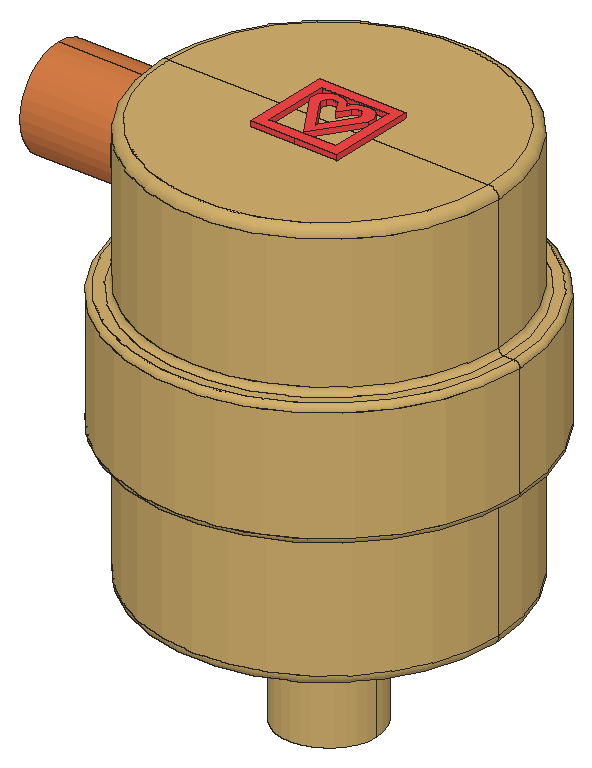
Revit family "Воздухоудалитель с функцией  выпуска воздуха 2630 10", category Rohrzubehör, Revit 2019
Family settings
  Bemaßung runder Anschluss = Durchmesser verwenden
  Teiletyp = Normal
  OmniClass-Nummer = 23.65.55.14
  OmniClass-Titel = Valves for Liquid Services
  Arbeitsebenenbasiert = Nein
  Immer vertikal = Ja
  Beim Laden mit Abzugskörper schneiden = Nein
  Gemeinsam genutzt = Nein
Parameters
  Поплавок = "Полипропилен"  # constant formula
  Номер заказа [instance] = if(Nennweite = 10.000 mm, 1263010, 0)  # 1263010
  SCRNSEQ = "AWI;AWI_TYP=\"1013\";1"
  SCRNCODE = "05;14;01"  # constant formula
  S03 = 24.500 mm  # constant formula
  S02 = 11.000 mm  # constant formula
  S01 = 56.000 mm  # constant formula
  Мин. рабочая температура = 0 °C  # constant formula
  Макс. давление на корпусе = 1000000.0 Pa  # constant formula
  Макс. рабочая температура = 110 °C  # constant formula
  URL = "www.herz-armaturen.ru"
  R02 = 0.600 mm  # constant formula
  R01 = 1.000 mm  # constant formula
  Nennweite [instance] = 10.000 mm  # constant formula
  Среда = "Качество  теплоносителя в соответствии с ÖNORM H5195 и/или предписаниями VDI-Standard 2035.\nРазрешается использование смеси этилен или пропиленгликоля в соотношении 25-50% с водой. Прокладки EPDM могут быть подвержены воздействию минеральных смазочных масел, что может служить причиной выхода из строя данных уплотнений. Пожалуйста, обратитесь к документации производителя, при использовании этиленгликоля и пропиленгликоля в целях защиты от замерзания."
  Макс. рабочее давление = 1000000.0 Pa  # constant formula
  L04 = L02 - L03  # 18.800 mm
  L03 = 9.500 mm  # constant formula
  L02 = 28.300 mm  # constant formula
  L01 = 4.000 mm  # constant formula
  Hersteller = "Herz-Armaturen GmbH"  # constant formula
  H08 = H00 - 1.000 mm  # 55.000 mm
  H07 = H00 - 7.500 mm  # 48.500 mm
  H06 = 2.500 mm  # constant formula
  H05 = 9.000 mm  # constant formula
  H04 = 14.500 mm  # constant formula
  H03 = 15.500 mm  # constant formula
  H02 = 13.000 mm  # constant formula
  H01 = 9.500 mm  # constant formula
  H00 = 56.000 mm  # constant formula
  Корпус = "штампованная латунь в соответствии с EN 12165, CW617N"  # constant formula
  G1 [instance] = Nennweite / 2  # 5.000 mm
  Уплотнение = "EPDM"  # constant formula
  Крышка корпуса = "штампованная латунь в соответствии с EN 12165, CW617N"  # constant formula
  D06 = 3.400 mm  # constant formula
  D05 = 5.100 mm  # constant formula
  D04 = 12.500 mm  # constant formula
  D03 = 11.000 mm  # constant formula
  D02 = 20.000 mm  # constant formula
  D01 = 17.800 mm  # constant formula
  Наружная резьба подключения = "в соответствии с ISO 228"  # constant formula
  Область применения = "Воздухоотводчик используется для удаления воздуха в системах отопления и холодоснабжения. Клапаны должны быть размещены рядом с котлом или же в самых высоких точках системы, чтобы обеспечить удаление воздуха из системы."
  Колпачок = "ABS пластик, цвет красный"  # constant formula
Reference planes
  plane 1 "Mitte (Vorne/hinten)": y = 0
  plane 2: z = 0
  plane 3 "Mitte (Links/rechts)": x = 0
Forms (mm)
  Revolve 1, solid, material "Messing", detail levels fine
    sketch origin (0, 0, 0) x (1, 0, 0) y (0, 0, 1)
      loop
        line (0, 56) -> (-16.8, 56)
        arc (-16.8, 56) -> (-17.507, 55.707) -> (-17.8, 55) r 1
        line (-17.8, 55) -> (-17.8, 41.1)
        arc (-17.8, 41.1) -> (-17.976, 40.676) -> (-18.4, 40.5) r 0.6
        line (-18.4, 40.5) -> (-19.4, 40.5)
        arc (-19.4, 40.5) -> (-19.824, 40.324) -> (-20, 39.9) r 0.6
        line (-20, 39.9) -> (-20, 28.1)
        arc (-20, 28.1) -> (-19.824, 27.676) -> (-19.4, 27.5) r 0.6
        line (-19.4, 27.5) -> (-18.4, 27.5)
        arc (-18.4, 27.5) -> (-17.976, 27.324) -> (-17.8, 26.9) r 0.6
        line (-17.8, 26.9) -> (-17.8, 14)
        arc (-17.8, 14) -> (-17.507, 13.293) -> (-16.8, 13) r 1
        line (-16.8, 13) -> (-13.8, 13) -> (-9, 9.5) -> (-5, 9.5) -> (-5, 0) -> (0, 0) -> (0, 56)
      axis (0, 56) -> (0, 0)
    angle from 0 to 360
  Revolve 2, solid, material "Messing", detail levels fine
    sketch origin (0, 0, 0) x (1, 0, 0) y (0, 0, 1)
      loop
        line (0, 48.5) -> (0, 51.9) -> (-18.8, 51.9) -> (-18.8, 48.5) -> (0, 48.5)
      axis (-18.8, 48.5) -> (0, 48.5)
    angle from 0 to 360
  Revolve 3, solid, material "Kunststoff-Orange", detail levels fine
    sketch origin (0, 0, 0) x (1, 0, 0) y (0, 0, 1)
      loop
        line (-28.3, 48.5) -> (-18.8, 48.5) -> (-18.8, 53.6) -> (-28.3, 53.6) -> (-28.3, 48.5)
      axis (-28.3, 48.5) -> (-18.8, 48.5)
    angle from 0 to 360
Lines and regions (mm)
  model lines, detail levels coarse+medium
    curve 1: line (0, 0, 56) -> (-12.587, 0, 43.413)
    curve 2: line (0, 0, 56) -> (12.587, 0, 43.413)
    curve 3: circle (0, 0, 31.5) r 11 normal (0, -1, 0)
    curve 4: line (0, 0, 42.5) -> (0, 0, 56)
    curve 5: line (0, 0, 20.5) -> (0, 0, 0)
    curve 6: line (0, 0, 56) -> (0, -12.587, 43.413)
    curve 7: line (0, 0, 56) -> (0, 12.587, 43.413)
    curve 8: circle (0, 0, 31.5) r 11 normal (1, 0, 0)
    curve 9: line (0, 56, 0) -> (-12.587, 43.413, 0)
    curve 10: line (0, 56, 0) -> (12.587, 43.413, 0)
    curve 11: circle (0, 31.5, 0) r 11 normal (0, 0, 1)
    curve 12: line (0, 42.5, 0) -> (0, 56, 0)
    curve 13: line (0, 20.5, 0) -> (0, 0, 0)
Dimensions and locks
  "H02": Revolve 1 sketch curve to Revolve 1 sketch curve
  "H03": Revolve 1 sketch curve to Revolve 1 sketch curve
  "H04": Revolve 1 sketch curve to Revolve 1 sketch curve
  "L01": Revolve 1 sketch curve to Revolve 1 sketch curve  (x2)
  "D01": Revolve 1 sketch curve to Revolve 1 sketch curve  (x2)
  "D02": Revolve 1 sketch curve to Revolve 1 sketch curve
  "H07": Revolve 2 sketch curve to plane 2
  "D06": Revolve 2 sketch curve to Revolve 2 sketch curve
  "L02": plane 3 "Mitte (Links/rechts)" to Revolve 3 sketch curve
  "L03": Revolve 3 sketch curve to Revolve 3 sketch curve
  "D05": Revolve 3 sketch curve to Revolve 3 sketch curve
  "H07": Revolve 3 sketch curve to plane 2
  "L04": plane 3 "Mitte (Links/rechts)" to Revolve 2 sketch curve
  "H08": nested 1 to plane 2
  "G1": Revolve 1 sketch curve to Revolve 1 sketch curve
  "H00": Revolve 1 sketch curve to Revolve 1 sketch curve
  "H01": Revolve 1 sketch curve to Revolve 1 sketch curve
  "S01": curve 2 to plane 2
  "D01": curve 1 to curve 4
  "D01": curve 2 to curve 2
  "S03": curve 4 to curve 3
  "D01": curve 6 to curve 6
  "D01": curve 7 to curve 7
  "S03": curve 7 to curve 8
  "S01": curve 7 to plane 2
  "S01": plane 1 "Mitte (Vorne/hinten)" to curve 12
  "S03": curve 12 to curve 11
  "D01": curve 9 to curve 9
  "D01": curve 10 to curve 10
  "R01": radius of Revolve 1 sketch curve  (x2)
  "R02": radius of Revolve 1 sketch curve  (x4)
  "S02": radius of curve 3
  "S02": radius of curve 8
  "S02": radius of curve 11
  angle curve 1 to curve 4 = 45.00°
  angle curve 4 to curve 2 = 45.00°
  angle curve 6 to plane 1 "Mitte (Vorne/hinten)" = 45.00°
  angle plane 1 "Mitte (Vorne/hinten)" to curve 7 = 45.00°
  angle curve 9 to curve 12 = 45.00°
  angle curve 12 to curve 10 = 45.00°
  aligned and locked: level to plane 2
Automatic sketch dimensions
  curve 7 to plane 1 "Mitte (Vorne/hinten)" = 0.000 mm
  curve 8 to plane 1 "Mitte (Vorne/hinten)" = 0.000 mm
  curve 1 to plane 3 "Mitte (Links/rechts)" = 0.000 mm
  curve 5 to plane 3 "Mitte (Links/rechts)" = 0.000 mm
  curve 3 to plane 3 "Mitte (Links/rechts)" = 0.000 mm
  curve 5 to level = 0.000 mm
  curve 9 to plane 3 "Mitte (Links/rechts)" = 0.000 mm
  curve 13 to plane 3 "Mitte (Links/rechts)" = 0.000 mm
  curve 11 to plane 3 "Mitte (Links/rechts)" = 0.000 mm
  plane 1 "Mitte (Vorne/hinten)" to curve 13 = 0.000 mm
  Revolve 1 sketch curve to level = 0.000 mm
  Revolve 1 sketch curve to plane 3 "Mitte (Links/rechts)" = 0.000 mm
  plane 3 "Mitte (Links/rechts)" to Revolve 1 sketch curve = 0.000 mm
  Revolve 1 sketch curve to Revolve 1 sketch curve = 2000.000 mm
  Revolve 1 sketch curve to Revolve 1 sketch curve = 1932.500 mm
  Revolve 2 sketch curve to plane 3 "Mitte (Links/rechts)" = 0.000 mm  (x2)
  Revolve 2 sketch curve to Revolve 2 sketch curve = 0.000 mm  (x2)
  Revolve 3 sketch curve to Revolve 3 sketch curve = 0.000 mm  (x3)
Nested families
  nested 1: "Herz-Logo" at (0, 0, 55), type "Herz-Logo", detail levels fine
Connectors
  piping at (0, 0, 0), diameter 10, driven by "Nennweite"
    settings: on Revolve 1, index 1, connector inside diameter 609.6 mm, connector length 0.000 mm, flow factor 0, pipe flow 0.0 L/s, pressure drop 0.0 Pa, fitting loss kfactor 0, connector angle 0.00°, fixture units 0, engagement length 0.000 mm, angle of deflection 0.00°, flow configuration 0, flow direction 1, fitting loss method 0, system type 29, joint type 0, gender type 0, connector reference index -1, connector utility 0, adjustable connector no, is connector primary yes, connector description ""
Definition of nested family "Herz-Logo"
  Reference planes
    plane 1 "Mitte (Vorne/hinten)": y = 0
    plane 2: z = 0
    plane 3 "Mitte (Links/rechts)": x = 0
  Forms (mm)
    Extrusion 1, solid
      sketch origin (0, 0, 0) x (1, 0, 0) y (0, 1, 0)
        loop
          line (-0.018, -4.517) -> (4.482, -4.517) -> (4.482, 4.483) -> (-4.518, 4.483) -> (-4.518, -4.517) -> (-0.018, -4.517)
        loop
          line (-0.05, -3.48) -> (3.482, -3.48) -> (3.482, 3.483) -> (-3.518, 3.483) -> (-3.518, -3.48) -> (-0.05, -3.48)
        loop
          arc (-0.018, 2.383) -> (-1.543, 3.287) -> (-3.067, 2.383) r 1.738
          arc (-3.067, 2.383) -> (-3.191, 1.899) -> (-3.067, 1.415) r 1.009
          line (-3.067, 1.415) -> (-0.018, -3.281) -> (3.032, 1.415)
          arc (3.032, 1.415) -> (3.156, 1.899) -> (3.032, 2.383) r 1.009
          arc (3.032, 2.383) -> (1.507, 3.287) -> (-0.018, 2.383) r 1.738
        loop
          arc (1.885, 1.272) -> (2.005, 1.675) -> (1.885, 2.079) r 0.74
          arc (1.885, 2.079) -> (1.265, 2.416) -> (0.644, 2.079) r 0.74
          line (0.644, 2.079) -> (-0.018, 0.97) -> (-0.679, 2.079)
          arc (-0.679, 2.079) -> (-1.3, 2.416) -> (-1.921, 2.079) r 0.74
          arc (-1.921, 2.079) -> (-2.04, 1.675) -> (-1.921, 1.272) r 0.74
          line (-1.921, 1.272) -> (-0.018, -1.658) -> (1.885, 1.272)
      from 0 to 1.5
  Dimensions and locks
    aligned and locked: level to plane 2
